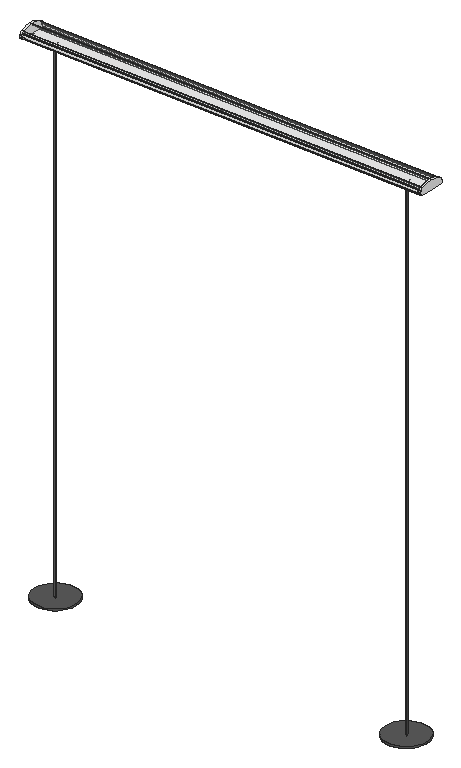
Revit family "66666666", category Lighting Fixtures, host Face, Revit 2019
Family settings
  Host = Face
  Round Connector Dimension = Use Diameter
  Part Type = Normal
  OmniClass Number = 23.80.70.11
  OmniClass Title = Luminaries for Internal Lighting
  Cut with Voids When Loaded = No
  Light Source = Yes
  Shared = No
  Room Calculation Point = No
Parameters (values of type "Not a type - Load Type Catalog!")
  z_TM = T-Grid Mount : T-Grid Mount (TM)
  z_SM = Surface Mount : Surface Mount (SM)
  z_Mep Y Distance [instance] = if(z_CeilingM, 0' 0", 0' 3")  # 0' - 0"
  z_Light Position [instance] = if(not(Mounting Option = z_SM), [z_Cord/Rod Length Control] + 0' 1 51/256", if(Mounting Option = z_SM, 0' 1 83/256", 0' 2 81/256"))  # 5' - 1 51/256"
  z_Lamp Length 8’ = Length = 8' 0"  # no
  z_Lamp Length 4’ = Length = 4' 0"  # yes
  z_Cord/Rod Length Control [instance] = if(Mounting Option = z_SM, 0' 0 1/8", if([Cord/Rod Length] < 0' 3", 0' 3", [Cord/Rod Length]))  # 5' - 0"
  z_Ceiling_SM [instance] = Mounting Option = z_SM  # no
  z_Ceiling_PM [instance] = not(Mounting Option = z_SM)  # yes
  z_CeilingM [instance] = yes
  z_AL = Aircraft Cable : with Loops
  z_AC = Aircraft Cable : with Canopy
  Width = 0' - 3 13/128"  # constant formula
  Weight = if(Length = 8' 0", 4.35 lbf, if(Length = 4' 0", 3.15 lbf, 0.00 lbf))  # 3.15 lbf
  Wattage Comments = "Efficacy up to 142 lm/W"
  Wattage = 21.7391 W
  Voltage Range = "120-277V"
  built-in parameter 1150110 = 1 (stored number, unit not read)
  Voltage = 120 V
  URL = "https://starteklightingamerica.com/starbar-wide/"
  Type Comments = "Linear Lighting Fixture"  # constant formula
  built-in parameter 1114217 = 1 (stored number, unit not read)
  Tilt Angle [instance] = 90.00°  # constant formula
  built-in parameter 1150109 = 1 (stored number, unit not read)
  built-in parameter 1150134 = (empty or 0)
  built-in parameter 1150113 = 1 (stored number, unit not read)
  Product data url = "https://www.bimobject.com/startek-lighting/product/starbarwide"
  Product Material [instance] = StarTek Lighting - Aluminum - Clear Anodized
  Product Guid = "a6406b8c-c49c-44ab-b895-f17a841bbc05"
  Power Factor = 0.93
  Photometric Web File = "Generic Light Source Shown : Please download and link the IES file that best matches your fixture specification"
  Photometric Note = "Import IES files https://starteklightingamerica.com/"  # constant formula
  Phase = 1
  Output = ""
  Number of Poles = 3
  Mounting Option [instance] = Aircraft Cable : with Canopy
  Mount Finish Note [instance] = "Aircraft Cable mount can be ordered in white (ACW, ALW) or black (ACB, ALB)"  # constant formula
  Mount Finish [instance] = StarTek Lighting - Aluminum - Powder Coat Black
  Model = "StarBar"
  Manufacturer = "StarTek Lighting"  # constant formula
  built-in parameter 1150105 = 238.73 (stored number, unit not read)
  Lumens = 3000 lm
  built-in parameter 1150115 = 1 (stored number, unit not read)
  built-in parameter 1150137 = (empty or 0)
  built-in parameter 1150139 = (empty or 0)
  Length = 4' - 0"
  built-in parameter 1150112 = 1 (stored number, unit not read)
  built-in parameter 1150114 = 1 (stored number, unit not read)
  Lamp = "LED"  # constant formula
  Keynote = "16500"  # constant formula
  Input Wattage = 0 W
  built-in parameter 1150132 = 2
  built-in parameter 1150102 = (empty or 0)
  built-in parameter 1150107 = 3000 (stored number, unit not read)
  built-in parameter 1150138 = (empty or 0)
  built-in parameter 1150106 = 2.3873 (stored number, unit not read)
  Height = 0' - 1 51/256"  # constant formula
  Frequency = 60 Hz
  Emit from Rectangle Width [instance] = 0' - 2 115/128"  # constant formula
  Emit from Rectangle Length [instance] = Length - 0' 0 1/2"  # 3' - 11 1/2"
  Emit Shape Visible in Rendering = 2 < 1  # no
  Edition number = 1
  Distribution = ""
  Description = "StarBarWide"  # constant formula
  built-in parameter 1150104 = 12.821 (stored number, unit not read)
  Dimming Lamp Color Temperature Shift = <None>
  Default Elevation = 4' - 0"
  Cord/Rod Length [instance] = 5' - 0"
  Color Filter = 16777215
  Color [instance] = "Available options: Clear Anodize (CA), Powder Coat Other (PO)"  # constant formula
  CRI = "80"
  built-in parameter 1114218 = 1 (stored number, unit not read)
  built-in parameter 1150133 = 10 (stored number, unit not read)
  Assembly Code = "D5020200"
  Apparent Load = Input Wattage / (Number of Poles * Power Factor)  # 0 VA
Reference planes (in)
  plane 1 "Center (Front/Back)": y = 0
  plane 2: z = 0
  plane 3 "Center (Left/Right)": x = 0
  plane 4 "None": z = 60
  plane 5: x = -21.21875
  plane 6 "Light source": z = 61.19922
  plane 7 "Light Vertical": z = 60.49067
  plane 8 "Light Horizontal": y = 5.00837
  plane 9: z = 0.5
  plane 10: x = 21.21875
  plane 11: x = -21.75022
  plane 12: x = -20.68728
  plane 13: x = 20.68728
  plane 14: x = 21.75022
  plane 15: x = -22.2817
  plane 16: x = -20.1558
  plane 17: x = 20.1558
  plane 18: x = 22.2817
  plane 19: y = 0
  plane 20: x = -24
  plane 21: x = 24
Forms (in)
  Extrusion 1, solid, not visible
    sketch origin (0, 1.1511, -0.03147) x (1, 0, 0) y (0, 0, 1)
      loop
        line (-21.25022, 0.03147) -> (-21.25022, -0.03147) -> (-21.18728, -0.03147) -> (-21.18728, 0.03147) -> (-21.25022, 0.03147)
    from 1.1394 to 1.16281
  Extrusion 2, solid, material "StarTek Lighting - Aluminum - Clear Anodized" <- "Product Material", visible <- "z_Ceiling_SM"
    sketch origin (0, 0, 0) x (1, 0, 0) y (0, 1, 0)
      loop
        line (-22.2817, -0.75) -> (-21.37482, -0.75) -> (-21.37482, -1.5) -> (-21.06268, -1.5) -> (-21.06268, -0.75) -> (-20.1558, -0.75) -> (-20.1558, 0.75) -> (-21.06268, 0.75) -> (-21.06268, 1.5) -> (-21.37482, 1.5) -> (-21.37482, 0.75) -> (-22.2817, 0.75) -> (-22.2817, -0.75)
      loop
        line (20.1558, -0.75) -> (21.06268, -0.75) -> (21.06268, -1.5) -> (21.37482, -1.5) -> (21.37482, -0.75) -> (22.2817, -0.75) -> (22.2817, 0.75) -> (21.37482, 0.75) -> (21.37482, 1.5) -> (21.06268, 1.5) -> (21.06268, 0.75) -> (20.1558, 0.75) -> (20.1558, -0.75)
    from 0 to 0.125
Dimensions and locks (in)
  Extrusion 1 sketch curve to level to Extrusion 1 sketch curve = 0' - 0", 0' - 0.06295"
  "z_Light Position": plane 6 "Light source" to host face
  locked: plane 8 "Light Horizontal" to plane 1 "Center (Front/Back)" at 5.00837
  plane 11 to plane 5 to plane 12 = 0' - 0.53147" locked, 0' - 0.53147" locked
  plane 13 to plane 10 to plane 14 = 0' - 0.53147" locked, 0' - 0.53147" locked
  plane 15 to plane 5 to plane 16 = 0' - 1.06295" locked, 0' - 1.06295" locked
  plane 17 to plane 10 to plane 18 = 0' - 1.06295" locked, 0' - 1.06295" locked
  locked: plane 7 "Light Vertical" to plane 4 "None" at 0.49067
  "z_Mep Y Distance": plane 1 "Center (Front/Back)" to plane 19
  equal spacing: Extrusion 1, plane 19, Extrusion 1
  locked: Extrusion 1 to Extrusion 1 at 0.0234
  "z_Cord/Rod Length Control": plane 4 "None" to level
  Extrusion 1 to plane 19 to Extrusion 1 = 0' - 0 3/256" locked, 0' - 0 3/256" locked
  locked: plane 9 to level at 0.5
  equal spacing: plane 21, plane 3 "Center (Left/Right)", plane 20
  "Length": plane 21 to plane 20
  locked: plane 5 to plane 20 at 2.78125
  locked: plane 10 to plane 21 at 2.78125
  Extrusion 2 sketch curve to plane 5 to Extrusion 2 sketch curve = 0' - 0.15607" locked, 0' - 0.15607" locked  (x2)
  Extrusion 2 sketch curve to plane 1 "Center (Front/Back)" to Extrusion 2 sketch curve = 0' - 0 3/4" locked, 0' - 0 3/4" locked  (x3)
  Extrusion 2 sketch curve to plane 10 to Extrusion 2 sketch curve = 0' - 0.15607" locked, 0' - 0.15607" locked  (x2)
  Extrusion 2 sketch curve to Extrusion 2 sketch curve to plane 1 "Center (Front/Back)" to Extrusion 2 sketch curve to Extrusion 2 sketch curve = 0' - 0 3/4" locked, 0' - 0 3/4" locked, 0' - 0 3/4" locked, 0' - 0 3/4" locked
  aligned and locked: plane 2 to host face
  aligned and locked: level to host face
  aligned and locked: imposter light to plane 6 "Light source"
  aligned and locked: plane 3 "Center (Left/Right)" to nested 3
  aligned and locked: plane 5 to nested 2
  aligned and locked: nested 1 to plane 10
  aligned and locked: plane 15 to Extrusion 2 sketch curve
  aligned and locked: plane 16 to Extrusion 2 sketch curve
  aligned and locked: plane 17 to Extrusion 2 sketch curve
  aligned and locked: plane 18 to Extrusion 2 sketch curve
Automatic sketch dimensions
  host sketch curve to host sketch curve = 8' - 0"  (x2)
  Extrusion 1 sketch curve to plane 5 = 0' - 0.03147"
  plane 5 to Extrusion 1 sketch curve = 0' - 0.03147"
  Extrusion 2 sketch curve to Extrusion 2 sketch curve = 0' - 0 3/4"  (x2)
Nested families (in)
  nested 1: "Aircraft Cable" at (21.21875, 0, 0), type <- "Mounting Option", visible <- "z_Ceiling_PM", Cord length <- "z_Cord/Rod Length Control", type "with Canopy"
    with Cord length control 5' - 0", Cord length 5' - 0", TM no, MAX cord length 10' - 0", Canopy yes, ACAL yes
  nested 2: "Aircraft Cable" at (-21.21875, 0, 0), type <- "Mounting Option", visible <- "z_Ceiling_PM", Cord length <- "z_Cord/Rod Length Control", type "with Canopy"
    with Cord length control 5' - 0", Cord length 5' - 0", TM no, MAX cord length 10' - 0", Canopy yes, ACAL yes
  nested 3: "Lightning fixture" at (-0.3935, 0, 60.49067), visible <- "z_CeilingM", type "StarBarWide"
    with Wall yes, Ceiling no
Connectors (in)
  electrical at (-21.21875, 0, 0), driven by "Number of Poles", driven by "Voltage", driven by "Apparent Load", driven by "Power Factor", driven by "Apparent Load", driven by "Apparent Load"
    settings: on Extrusion 1, index 1, voltage 120 V, apparent load 0 VA, apparent load phase1 0 VA, apparent load phase2 0 VA, apparent load phase3 0 VA, power factor 0.93, load classification "Other", number of poles 3, system type 31, power factor state 1, is connector primary yes, connector utility no, sub classification motor no, connector description "Connector for Electrical Power"
Definition of nested family "Aircraft Cable"
  Parameters (values of type "T-Grid Mount (TM)")
    TM = yes
    Height = 0' - 0"
    Default Elevation = 4' - 0"
    Cord material = none
    MAX cord length = 5' - 0"
    Cord length control [instance] = if(Cord length < 0' 0 1/2", 0' 0 1/2", Cord length)  # 3' - 0"
    Cord length [instance] = 3' - 0"
    Canopy = no
    ACAL = no
  Types (5): name | TM | MAX cord length | Canopy | ACAL
    T-Grid Mount (TM) | yes | 5' - 0" | no | no
    Aircraft Cable with Loops (AL10) | no | 10' - 0" | no | yes
    Aircraft Cable with Loops (AL05) | no | 5' - 0" | no | yes
    Aircraft Cable with Canopy (AC05) | no | 5' - 0" | yes | yes
    Aircraft Cable with Canopy (AC10) | no | 10' - 0" | yes | yes
  Reference planes (in)
    plane 1 "Center (Front/Back)": y = 0
    plane 2: z = 0
    plane 3 "Center (Left/Right)": x = 0
    plane 4 "canopy plane": z = 36
    plane 5: z = 35.5
    plane 6: z = 33.16358
  Forms (in)
    Extrusion 1, solid, material <- "Cord material", visible <- "ACAL", detail levels coarse
      sketch origin (0, 0, 0) x (1, 0, 0) y (0, 1, 0)
        loop
          circle (0, 0) r 0.09375
      from 0 to 36
    Extrusion 2, solid, material <- "Cord material", visible <- "Canopy"
      sketch origin (0, 0, 0.19141) x (-1, 0, 0) y (0, -1, 0)
        loop
          circle (0, 0) r 2.5
      from 0 to -0.19141
    Extrusion 3, solid, material <- "Cord material", visible <- "Canopy", not visible
      sketch origin (0, 0, 36) x (-1, 0, 0) y (0, -1, 0)
        loop
          circle (0, 0) r 2.5
      from 0 to -0.19141
    Extrusion 4, solid, material <- "Cord material", detail levels medium+fine
      sketch origin (0, 0, -24.00077) x (0, 1, 0) y (0, 0, 1)
        loop
          line (0.29883, 60.07585) -> (0.29883, 59.53202) -> (-0.29883, 59.53202) -> (-0.29883, 60.07585) -> (-0.0957, 60.07585) -> (-0.0957, 60.1071) -> (-0.33008, 60.1071) -> (-0.33008, 59.50077) -> (0.33008, 59.50077) -> (0.33008, 60.1071) -> (0.0957, 60.1071) -> (0.0957, 60.07585) -> (0.29883, 60.07585)
      from -0.2653 to 0.25
    Extrusion 5, solid, material <- "Cord material", visible <- "ACAL", detail levels medium+fine
      sketch origin (0, 0, 0) x (1, 0, 0) y (0, 1, 0)
        loop
          circle (0, 0) r 0.09375
      from 0 to 35.5
    Extrusion 6, solid, material <- "Cord material", visible <- "TM"
      sketch origin (0, 0, -25.50077) x (0, 1, 0) y (0, 0, 1)
        loop
          line (0.20312, 60.96952) -> (-0.20312, 60.96952) -> (-0.20312, 60.4257) -> (0.20312, 60.4257) -> (0.20312, 60.96952)
        loop
          line (0.23437, 61.00077) -> (-0.23437, 61.00077) -> (-0.23437, 60.39445) -> (-0.01562, 60.39445) -> (-0.01562, 59.8791) -> (-0.07332, 59.82141) -> (-0.07332, 59.24735) -> (-0.01562, 59.18965) -> (-0.01562, 58.66435) -> (0.01562, 58.66435) -> (0.01562, 59.18965) -> (0.07332, 59.24735) -> (0.07332, 59.82141) -> (0.01562, 59.8791) -> (0.01562, 60.39445) -> (0.23437, 60.39445) -> (0.23437, 61.00077)
        loop
          line (0.04207, 59.80847) -> (0, 59.85054) -> (-0.04207, 59.80847) -> (-0.04207, 59.26029) -> (0, 59.21822) -> (0.04207, 59.26029) -> (0.04207, 59.80847)
      from -0.2653 to 0.25
    Extrusion 7, solid, material <- "Cord material", visible <- "TM", detail levels medium+fine
      sketch origin (0, 0, 0) x (1, 0, 0) y (0, 1, 0)
        loop
          circle (0, 0) r 0.09375
      from 0 to 33.16358
  Dimensions and locks (in)
    "Cord length control": plane 4 "canopy plane" to plane 2
    locked: plane 4 "canopy plane" to plane 5 at 0.5
    Extrusion 4 to plane 3 "Center (Left/Right)" to Extrusion 4 = 0' - 0.2653" locked, 0' - 0 1/4" locked
    Extrusion 6 to Extrusion 6 = 0' - 0.5153"
    locked: plane 5 to plane 6 at 2.33642
    aligned and locked: plane 2 to level
    aligned and locked: plane 4 "canopy plane" to Extrusion 1
    aligned and locked: Extrusion 2 to plane 2
    aligned and locked: plane 5 to Extrusion 5
    aligned and locked: Extrusion 5 to level
    aligned and locked: Extrusion 7 to plane 6
  Automatic sketch dimensions
    plane 1 "Center (Front/Back)" to Extrusion 1 sketch curve = 0' - 0"
    Extrusion 1 sketch curve to plane 3 "Center (Left/Right)" = 0' - 0"
    Extrusion 4 sketch curve to plane 5 = 0' - 0"
    plane 4 "canopy plane" to Extrusion 4 sketch curve = 0' - 0.10632"
    plane 1 "Center (Front/Back)" to Extrusion 4 sketch curve = 0' - 0.33008"
    Extrusion 4 sketch curve to Extrusion 4 sketch curve = 0' - 0 1/32"  (x4)
    plane 1 "Center (Front/Back)" to Extrusion 4 sketch curve = 0' - 0.0957"
    Extrusion 4 sketch curve to plane 1 "Center (Front/Back)" = 0' - 0.0957"
    plane 4 "canopy plane" to Extrusion 4 sketch curve = 0' - 0.07507"
    Extrusion 4 sketch curve to Extrusion 4 sketch curve = 0' - 0 13/64"
    plane 5 to Extrusion 4 sketch curve = 0' - 0 1/32"
    plane 1 "Center (Front/Back)" to Extrusion 5 sketch curve = 0' - 0"
    Extrusion 5 sketch curve to plane 3 "Center (Left/Right)" = 0' - 0"
    Extrusion 6 sketch curve to plane 5 = 0' - 0"
    Extrusion 6 sketch curve to plane 1 "Center (Front/Back)" = 0' - 0"  (x2)
    plane 1 "Center (Front/Back)" to Extrusion 6 sketch curve = 0' - 0 1/64"  (x2)
    plane 1 "Center (Front/Back)" to Extrusion 6 sketch curve = 0' - 0.04207"
    Extrusion 6 sketch curve to Extrusion 6 sketch curve = 0' - 0 1/32"  (x6)
    Extrusion 6 sketch curve to plane 5 = 0' - 0 1/32"
    plane 1 "Center (Front/Back)" to Extrusion 6 sketch curve = 0' - 0 13/64"
    Extrusion 6 sketch curve to plane 1 "Center (Front/Back)" = 0' - 0 1/64"  (x2)
    Extrusion 6 sketch curve to plane 1 "Center (Front/Back)" = 0' - 0.04207"
    Extrusion 6 sketch curve to plane 1 "Center (Front/Back)" = 0' - 0 13/64"
    Extrusion 6 sketch curve to Extrusion 6 sketch curve = 0' - 0.54382"
    Extrusion 6 sketch curve to Extrusion 6 sketch curve = 0' - 0.51534"
    Extrusion 6 sketch curve to Extrusion 6 sketch curve = 0' - 0"  (x3)
    Extrusion 6 sketch curve to Extrusion 6 sketch curve = 0' - 0.02857"  (x2)
    Extrusion 6 sketch curve to Extrusion 6 sketch curve = 0' - 0.02913"  (x2)
    Extrusion 6 sketch curve to Extrusion 6 sketch curve = 0' - 0.01294"  (x3)
    Extrusion 6 sketch curve to Extrusion 6 sketch curve = 0' - 0.54818"
    Extrusion 6 sketch curve to Extrusion 6 sketch curve = 0' - 0.5253"
    plane 1 "Center (Front/Back)" to Extrusion 7 sketch curve = 0' - 0"
    Extrusion 7 sketch curve to plane 3 "Center (Left/Right)" = 0' - 0"
    radius of Extrusion 2 sketch curve = 0' - 2 1/2"
    radius of Extrusion 3 sketch curve = 0' - 2 1/2"
    radius of Extrusion 1 sketch curve = 0' - 0 3/32"
    radius of Extrusion 5 sketch curve = 0' - 0 3/32"
    radius of Extrusion 7 sketch curve = 0' - 0 3/32"
Definition of nested family "Lightning fixture"
  Parameters (values of type "StarBarWide")
    Width = 0' - 3.1"  # constant formula
    Wall [instance] = no
    Length = 4' - 0"
    Lamp length 8' = no
    Lamp Finish = none
    Housing Material = none
    Height = 0' - 1 51/256"  # constant formula
    Default Elevation = 4' - 0"
    Ceiling [instance] = yes
    BeamD-8 = no
    BeamD-4 = yes
  Reference planes (in)
    plane 1 "Center (Front/Back)": y = 0
    plane 2: z = 0
    plane 3 "Center (Left/Right)": x = 0.3935
    plane 4: z = -0.49163
    plane 5: x = -23.8565
    plane 6: x = 24.6435
    plane 7: y = 1.55
    plane 8: y = -1.55
    plane 9: y = 0.765
    plane 10: y = -0.765
    plane 11: z = -0.41967
    plane 12: z = -0.31671
    plane 13: z = -0.25371
    plane 14: z = 0.09039
    plane 15: z = 0.18379
    plane 16: x = -21.488
    plane 17: x = -20.4373
    plane 18: x = 22.275
    plane 19: x = 21.2243
    plane 20: x = 21.3177
    plane 21: x = -20.5307
    plane 22: x = -23.6065
    plane 23: x = 24.3935
    plane 24: z = 0.70759
  Forms (in)
    Extrusion 1, solid
      sketch origin (0, 0, 0) x (1, 0, 0) y (0, 1, 0)
        loop
          line (-48, 48) -> (-48, -48) -> (48, -48) -> (48, 48) -> (-48, 48)
      from 0 to -12
    Extrusion 2, solid, material <- "Lamp Finish", detail levels coarse
      sketch origin (0, 0, 0) x (1, 0, 0) y (0, 1, 0)
        loop
          line (24.6435, -1.55) -> (24.6435, 1.55) -> (-23.8565, 1.55) -> (-23.8565, -1.55) -> (24.6435, -1.55)
      from -0.49067 to 0.70759
    Sweep 3, solid, detail levels medium+fine
      path origin (0, 0, 0) x (1, 0, 0) y (0, 1, 0)
        loop
          line (24.3935, 0) -> (-23.6065, 0)
      profile origin (0.3935, 0, 0) x (0, -1, 0) y (0, 0, 1)
        loop
          arc (-1.24934, 0.31174) -> (-0.64083, 0.5279) -> (0, 0.60758) r 2.97318
          arc (0, 0.60758) -> (0.64083, 0.5279) -> (1.24934, 0.31174) r 2.97318
          arc (1.24934, 0.31174) -> (1.31352, 0.25942) -> (1.34721, 0.18379) r 0.17866
          line (1.34721, 0.18379) -> (1.44832, 0.18379)
          arc (1.44832, 0.18379) -> (1.39848, 0.31268) -> (1.29285, 0.40178) r 0.27866
          arc (1.29285, 0.40178) -> (0.66315, 0.62538) -> (0, 0.70759) r 3.07318
          arc (0, 0.70759) -> (-0.66315, 0.62538) -> (-1.29285, 0.40178) r 3.07318
          arc (-1.29285, 0.40178) -> (-1.39848, 0.31268) -> (-1.44832, 0.18379) r 0.27866
          line (-1.44832, 0.18379) -> (-1.34721, 0.18379)
          arc (-1.34721, 0.18379) -> (-1.31352, 0.25942) -> (-1.24934, 0.31174) r 0.17866
    Sweep 4, solid, material <- "Lamp Finish", detail levels medium+fine
      path origin (0, 0, 0) x (1, 0, 0) y (0, 1, 0)
        loop
          line (24.3935, 0) -> (-23.6065, 0)
      profile origin (0.3935, 0, 0) x (0, -1, 0) y (0, 0, 1)
        loop
          line (-0.29947, -0.49068) -> (0.29947, -0.49065) -> (0.2995, -0.41587) -> (0.09578, -0.41588) -> (0.09578, -0.36482) -> (1.01687, -0.36482) -> (1.16905, -0.30482) -> (1.32194, -0.30482)
          arc (1.32194, -0.30482) -> (1.45846, -0.2975) -> (1.51866, -0.17476) r 0.13508
          arc (1.51866, -0.17476) -> (1.53073, -0.0302) -> (1.48056, 0.10591) r 0.335
          line (1.48056, 0.10591) -> (1.46092, 0.13629)
          arc (1.46092, 0.13629) -> (1.44938, 0.15184) -> (1.43594, 0.16577) r 0.15
          arc (1.43594, 0.16577) -> (1.36464, 0.16406) -> (1.36309, 0.09275) r 0.05163
          arc (1.36309, 0.09275) -> (1.43245, -0.05033) -> (1.39483, -0.20482) r 0.235
          line (1.39483, -0.20482) -> (1.15005, -0.20482) -> (0.99787, -0.26482) -> (-0.99787, -0.26482) -> (-1.15005, -0.20482) -> (-1.39483, -0.20482)
          arc (-1.39483, -0.20482) -> (-1.43245, -0.05033) -> (-1.36309, 0.09275) r 0.235
          arc (-1.36309, 0.09275) -> (-1.36464, 0.16406) -> (-1.43594, 0.16577) r 0.05163
          arc (-1.43594, 0.16577) -> (-1.44938, 0.15184) -> (-1.46092, 0.13629) r 0.15
          line (-1.46092, 0.13629) -> (-1.47966, 0.10731)
          arc (-1.47966, 0.10731) -> (-1.53062, -0.02938) -> (-1.51866, -0.17476) r 0.335
          arc (-1.51866, -0.17476) -> (-1.45846, -0.2975) -> (-1.32194, -0.30482) r 0.13508
          line (-1.32194, -0.30482) -> (-1.16905, -0.30482) -> (-1.01687, -0.36482) -> (-0.09575, -0.36482) -> (-0.09575, -0.41588) -> (-0.29944, -0.41587) -> (-0.29947, -0.49068)
    Extrusion 5, solid, material <- "Lamp Finish", detail levels medium+fine
      sketch origin (0.3935, 0, 0) x (0, 1, 0) y (0, 0, 1)
        loop
          arc (1.44832, 0.18379) -> (1.39848, 0.31268) -> (1.29285, 0.40178) r 0.27866
          arc (1.29285, 0.40178) -> (0.66315, 0.62538) -> (0, 0.70759) r 3.07318
          arc (0, 0.70759) -> (-0.66315, 0.62538) -> (-1.29285, 0.40178) r 3.07318
          arc (-1.29285, 0.40178) -> (-1.39848, 0.31268) -> (-1.44832, 0.18379) r 0.27866
          line (-1.44832, 0.18379) -> (-1.51784, 0.02681)
          arc (-1.51784, 0.02681) -> (-1.53377, -0.07391) -> (-1.51866, -0.17476) r 0.335
          arc (-1.51866, -0.17476) -> (-1.45846, -0.2975) -> (-1.32194, -0.30482) r 0.13508
          line (-1.32194, -0.30482) -> (-1.16905, -0.30482) -> (-1.01687, -0.36482) -> (0.04553, -0.36482) -> (1.01687, -0.36482) -> (1.16905, -0.30482) -> (1.32194, -0.30482)
          arc (1.32194, -0.30482) -> (1.45846, -0.2975) -> (1.51866, -0.17476) r 0.13508
          arc (1.51866, -0.17476) -> (1.53377, -0.07391) -> (1.51784, 0.02681) r 0.335
          line (1.51784, 0.02681) -> (1.44832, 0.18379)
      from -24.25 to -24
    Extrusion 6, solid, material <- "Lamp Finish", detail levels medium+fine
      sketch origin (0.3935, 0, 0) x (0, 1, 0) y (0, 0, 1)
        loop
          arc (1.44832, 0.18379) -> (1.39848, 0.31268) -> (1.29285, 0.40178) r 0.27866
          arc (1.29285, 0.40178) -> (0.66315, 0.62538) -> (0, 0.70759) r 3.07318
          arc (0, 0.70759) -> (-0.66315, 0.62538) -> (-1.29285, 0.40178) r 3.07318
          arc (-1.29285, 0.40178) -> (-1.39848, 0.31268) -> (-1.44832, 0.18379) r 0.27866
          line (-1.44832, 0.18379) -> (-1.51784, 0.02681)
          arc (-1.51784, 0.02681) -> (-1.53377, -0.07391) -> (-1.51866, -0.17476) r 0.335
          arc (-1.51866, -0.17476) -> (-1.45846, -0.2975) -> (-1.32194, -0.30482) r 0.13508
          line (-1.32194, -0.30482) -> (-1.16905, -0.30482) -> (-1.01687, -0.36482) -> (0.04553, -0.36482) -> (1.01687, -0.36482) -> (1.16905, -0.30482) -> (1.32194, -0.30482)
          arc (1.32194, -0.30482) -> (1.45846, -0.2975) -> (1.51866, -0.17476) r 0.13508
          arc (1.51866, -0.17476) -> (1.53377, -0.07391) -> (1.51784, 0.02681) r 0.335
          line (1.51784, 0.02681) -> (1.44832, 0.18379)
      from 24 to 24.25
  Lines and regions (in)
    Masking region 1
      outline origin (0, 0, 0) x (1, 0, 0) y (0, 1, 0)
        loop
          line (-23.8565, 1.55) -> (-23.8565, -1.55) -> (24.6435, -1.55) -> (24.6435, 1.55) -> (-23.8565, 1.55)
    Masking region 2, detail levels medium+fine
      outline origin (0, 0, 0) x (1, 0, 0) y (0, 1, 0)
        loop
          line (-23.8565, 1.55) -> (-23.8565, -1.55) -> (-23.6065, -1.55) -> (-23.6065, 1.55) -> (-23.8565, 1.55)
        loop
          line (24.3935, 1.55) -> (24.3935, -1.55) -> (24.6435, -1.55) -> (24.6435, 1.55) -> (24.3935, 1.55)
  Dimensions and locks (in)
    equal spacing: plane 5, plane 3 "Center (Left/Right)", plane 6
    plane 17 to plane 21 to plane 16 to plane 5 = 0' - 0.0934" locked, 0' - 0.9573" locked, 0' - 2.3685" locked
    plane 19 to plane 20 to plane 18 to plane 6 = 0' - 0.0934" locked, 0' - 0.9573" locked, 0' - 2.3685" locked
    locked: plane 5 to plane 22 at 0.25
    locked: plane 23 to plane 6 at 0.25
    "Length": plane 22 to plane 23
    equal spacing: plane 7, plane 1 "Center (Front/Back)", plane 8
    "Width": plane 7 to plane 8
    plane 11 to plane 12 to plane 13 to plane 2 to plane 14 to plane 15 = 0' - 0.10296" locked, 0' - 0.063" locked, 0' - 0.25371" locked, 0' - 0.09039" locked, 0' - 0.0934" locked
    "Height": plane 4 to plane 24
    locked: plane 4 to plane 11 at 0.07196
    aligned and locked: plane 2 to Extrusion 1
    aligned and locked: level to Extrusion 1
    aligned and locked: Extrusion 2 to plane 5
    aligned and locked: Sweep 3 sketch curve to plane 1 "Center (Front/Back)"
    aligned and locked: Extrusion 2 to plane 24
    aligned and locked: Sweep 4 sketch curve to plane 1 "Center (Front/Back)"
    aligned and locked: plane 22 to Sweep 4 sketch curve
    aligned and locked: plane 23 to Sweep 4 sketch curve
    aligned and locked: plane 22 to Sweep 3 sketch curve
    aligned and locked: plane 23 to Sweep 3 sketch curve
    aligned and locked: Masking region 1 sketch curve to plane 6
    aligned and locked: Masking region 1 sketch curve to plane 7
    aligned and locked: plane 8 to Masking region 1 sketch curve
    aligned and locked: plane 5 to Masking region 1 sketch curve
    aligned and locked: Masking region 2 sketch curve to plane 7  (x2)
    aligned and locked: Masking region 2 sketch curve to plane 23
    aligned and locked: Masking region 2 sketch curve to plane 6
    aligned and locked: plane 5 to Masking region 2 sketch curve
    aligned and locked: plane 22 to Masking region 2 sketch curve
    aligned and locked: plane 8 to Masking region 2 sketch curve  (x2)
    aligned and locked: Extrusion 5 to plane 5
    aligned and locked: Extrusion 5 to plane 22
    aligned and locked: plane 23 to Extrusion 6
    aligned and locked: plane 6 to Extrusion 6
  Automatic sketch dimensions
    Extrusion 1 sketch curve to Extrusion 1 sketch curve = 8' - 0"  (x2)
    Extrusion 2 sketch curve to plane 5 = 0' - 0"
    Extrusion 2 sketch curve to plane 6 = 0' - 0"
    Extrusion 2 sketch curve to plane 8 = 0' - 0"
    Extrusion 2 sketch curve to plane 7 = 0' - 0"
    Sweep 4 sketch curve to Sweep 4 sketch curve = 0' - 0.20369"  (x2)
    Sweep 4 sketch curve to Sweep 4 sketch curve = 0' - 0.00003"  (x2)
    Sweep 4 sketch curve to Sweep 4 sketch curve = 0' - 0.05106"  (x2)
    Sweep 4 sketch curve to Sweep 4 sketch curve = 0' - 0.07477"  (x2)
    Sweep 4 sketch curve to Sweep 4 sketch curve = 0' - 0.0748"
    Sweep 4 sketch curve to Sweep 4 sketch curve = 0' - 0.0957"
    Sweep 4 sketch curve to Sweep 4 sketch curve = 0' - 0.06201"  (x2)
    Sweep 4 sketch curve to Sweep 4 sketch curve = 0' - 0.15218"  (x2)
    Sweep 4 sketch curve to Sweep 4 sketch curve = 0' - 0.02972"
    Sweep 4 sketch curve to Sweep 4 sketch curve = 0' - 0.15289"
    Sweep 4 sketch curve to Sweep 4 sketch curve = 0' - 0.06"
    Sweep 4 sketch curve to Sweep 4 sketch curve = 0' - 0.12"  (x2)
    Sweep 4 sketch curve to Sweep 4 sketch curve = 0' - 0.10956"  (x2)
    Sweep 4 sketch curve to profile plane = 0' - 0.09578"
    Sweep 4 sketch curve to Sweep 4 sketch curve = 0' - 0.07482"
    Sweep 4 sketch curve to Sweep 4 sketch curve = 0' - 0.07479"
    Sweep 4 sketch curve to Sweep 4 sketch curve = 0' - 0.19153"
    Sweep 4 sketch curve to Sweep 4 sketch curve = 0' - 0.05974"  (x2)
    Sweep 4 sketch curve to Sweep 4 sketch curve = 0' - 0.06623"  (x2)
    Sweep 4 sketch curve to Sweep 4 sketch curve = 0' - 1.99574"
    level to Sweep 4 sketch curve = 0' - 0.13629"  (x2)
    level to Sweep 4 sketch curve = 0' - 0.10591"
    Sweep 4 sketch curve to Sweep 4 sketch curve = 0' - 0.01964"
    Sweep 4 sketch curve to Sweep 4 sketch curve = 0' - 0.12956"
    Sweep 4 sketch curve to Sweep 4 sketch curve = 0' - 0.08143"
    Sweep 4 sketch curve to Sweep 4 sketch curve = 0' - 0.13012"
    Sweep 4 sketch curve to Sweep 4 sketch curve = 0' - 0.05244"
    Sweep 4 sketch curve to Sweep 4 sketch curve = 0' - 0.0087"  (x2)
    Sweep 4 sketch curve to Sweep 4 sketch curve = 0' - 0"  (x5)
    Sweep 4 sketch curve to Sweep 4 sketch curve = 0' - 0.02814"
    Sweep 4 sketch curve to Sweep 4 sketch curve = 0' - 0.69843"
    Sweep 4 sketch curve to Sweep 4 sketch curve = 0' - 0.01087"  (x2)
    Sweep 4 sketch curve to Sweep 4 sketch curve = 0' - 0.019"  (x4)
    Sweep 4 sketch curve to level = 0' - 0.36482"
    Sweep 4 sketch curve to Sweep 4 sketch curve = 0' - 0.1"  (x2)
    level to Sweep 4 sketch curve = 0' - 0.10731"
    Sweep 4 sketch curve to Sweep 4 sketch curve = 0' - 0.01874"
    Sweep 4 sketch curve to Sweep 4 sketch curve = 0' - 0.04872"
    Sweep 4 sketch curve to Sweep 4 sketch curve = 0' - 0.12383"
    Sweep 4 sketch curve to Sweep 4 sketch curve = 0' - 0.13617"
    Sweep 3 sketch curve to Sweep 3 sketch curve = 0' - 0"  (x14)
    Sweep 3 sketch curve to Sweep 3 sketch curve = 0' - 1.12735"
    Sweep 3 sketch curve to Sweep 3 sketch curve = 0' - 0.08853"
    level to Sweep 3 sketch curve = 0' - 0.15088"  (x2)
    Sweep 3 sketch curve to Sweep 3 sketch curve = 0' - 0.09787"  (x2)
    Sweep 3 sketch curve to Sweep 3 sketch curve = 0' - 0.10111"  (x2)
    Sweep 3 sketch curve to Sweep 3 sketch curve = 0' - 0.1756"  (x2)
    Sweep 3 sketch curve to profile plane = 0' - 0"
    level to Sweep 3 sketch curve = 0' - 0.18379"
    plane 15 to Extrusion 5 sketch curve = 0' - 0"  (x2)
    Extrusion 5 sketch curve to plane 1 "Center (Front/Back)" = 0' - 0"
    Extrusion 5 sketch curve to plane 24 = 0' - 0"
    plane 1 "Center (Front/Back)" to Extrusion 5 sketch curve = 0' - 0.04426"
    plane 12 to Extrusion 5 sketch curve = 0' - 0.04811"
    Extrusion 5 sketch curve to plane 10 = 0' - 0.25187"
    Extrusion 5 sketch curve to plane 12 = 0' - 0.01189"  (x2)
    Extrusion 5 sketch curve to Extrusion 5 sketch curve = 0' - 0.15218"  (x2)
    plane 15 to Extrusion 5 sketch curve = 0' - 0.03291"  (x2)
    plane 8 to Extrusion 5 sketch curve = 0' - 0.37839"
    Extrusion 5 sketch curve to level = 0' - 0.07526"  (x2)
    Extrusion 5 sketch curve to Extrusion 5 sketch curve = 0' - 0.02716"  (x2)
    Extrusion 5 sketch curve to Extrusion 5 sketch curve = 0' - 0.15289"  (x2)
    Extrusion 5 sketch curve to plane 13 = 0' - 0.06889"  (x2)
    Extrusion 5 sketch curve to Extrusion 5 sketch curve = 0' - 0.06201"  (x2)
    plane 8 to Extrusion 5 sketch curve = 0' - 0.10168"
    level to Extrusion 5 sketch curve = 0' - 0.02681"  (x2)
    plane 8 to Extrusion 5 sketch curve = 0' - 0.03216"
    Extrusion 5 sketch curve to plane 1 "Center (Front/Back)" = 0' - 0.04426"
    Extrusion 5 sketch curve to plane 1 "Center (Front/Back)" = 0' - 0.04553"
    plane 9 to Extrusion 5 sketch curve = 0' - 0.25187"
    Extrusion 5 sketch curve to plane 7 = 0' - 0.37839"
    Extrusion 5 sketch curve to plane 7 = 0' - 0.03216"
    plane 4 to Extrusion 5 sketch curve = 0' - 1.87364"
    Extrusion 5 sketch curve to Extrusion 5 sketch curve = 0' - 0"  (x2)
    plane 15 to Extrusion 6 sketch curve = 0' - 0"  (x2)
    Extrusion 6 sketch curve to plane 1 "Center (Front/Back)" = 0' - 0"
    Extrusion 6 sketch curve to plane 24 = 0' - 0"
    plane 1 "Center (Front/Back)" to Extrusion 6 sketch curve = 0' - 0.04426"
    plane 12 to Extrusion 6 sketch curve = 0' - 0.04811"
    Extrusion 6 sketch curve to plane 10 = 0' - 0.25187"
    Extrusion 6 sketch curve to plane 12 = 0' - 0.01189"  (x2)
    Extrusion 6 sketch curve to Extrusion 6 sketch curve = 0' - 0.15218"  (x2)
    plane 15 to Extrusion 6 sketch curve = 0' - 0.03291"  (x2)
    plane 8 to Extrusion 6 sketch curve = 0' - 0.37839"
    Extrusion 6 sketch curve to level = 0' - 0.07526"  (x2)
    Extrusion 6 sketch curve to Extrusion 6 sketch curve = 0' - 0.02716"  (x2)
    Extrusion 6 sketch curve to Extrusion 6 sketch curve = 0' - 0.15289"  (x2)
    Extrusion 6 sketch curve to plane 13 = 0' - 0.06889"  (x2)
    Extrusion 6 sketch curve to Extrusion 6 sketch curve = 0' - 0.06201"  (x2)
    level to Extrusion 6 sketch curve = 0' - 0.02681"  (x2)
    plane 8 to Extrusion 6 sketch curve = 0' - 0.03216"
    Extrusion 6 sketch curve to plane 1 "Center (Front/Back)" = 0' - 0.04426"
    Extrusion 6 sketch curve to plane 1 "Center (Front/Back)" = 0' - 0.04553"
    plane 9 to Extrusion 6 sketch curve = 0' - 0.25187"
    Extrusion 6 sketch curve to plane 7 = 0' - 0.37839"
    Extrusion 6 sketch curve to plane 7 = 0' - 0.10168"
    Extrusion 6 sketch curve to plane 7 = 0' - 0.03216"
    plane 4 to Extrusion 6 sketch curve = 0' - 1.87364"
    Extrusion 6 sketch curve to Extrusion 6 sketch curve = 0' - 0"  (x2)
